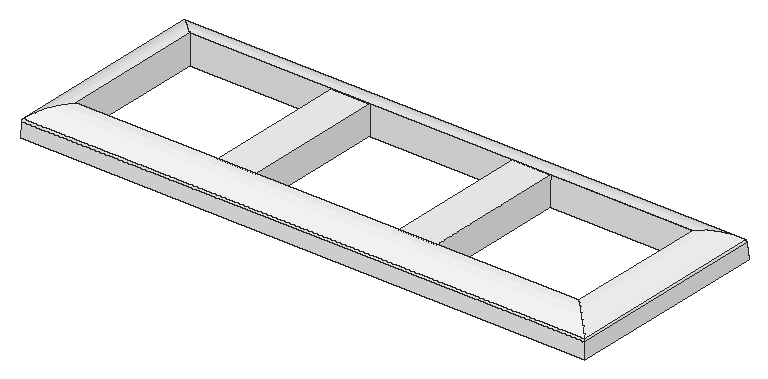
Revit family "Gira_021304", category Electrical Fixtures, host Face, Revit 2017
Family settings
  Host = Face
  Maintain Annotation Orientation = No
  Round Connector Dimension = Use Diameter
  Part Type = Normal
  Cut with Voids When Loaded = No
  Shared = No
  Room Calculation Point = No
Parameters (values of type "Abdeckrahmen 3f Standard 55 Reinweiß m")
  Werkstoffgüte = "Thermoplast"
  Werkstoff = "Kunststoff"
  URL = "http://katalog.gira.de/de_DE/datenblatt.html?artikelnr=021304"
  Transparent = "No"
  Textfeld/Beschriftungsfläche = "No"
  Schutzart (IP) = "IP20"
  Region = "DE"
  RAL-Nummer (ähnlich) = "9010 "
  Oberfläche = "sonstige"
  Name = "Abdeckrahmen 3f Standard 55 Reinweiß m"
  Montagerichtung = "horizontal und vertikal"
  Mit Montagerahmen = "No"
  Mit Klappdeckel = "No"
  Manufacturer URL = "https://www.gira.de/"
  Keynote = "Std55_Rahmen_3fach"
  HeinzeBIM = "https://bimportal.heinze.de/bim/abdeckrahmen-3f-standard-55-reinweiss-m/23e260884fb7a2a76cdef4efeed06eb785d8a395"
  Halogenfrei = "Yes"
  HAN = "021304"
  Geeignet für Unterputz-Installation = "Yes"
  Geeignet für Unterflurkanaldose = "No"
  Geeignet für Geräteeinbaukanal = "No"
  Geeignet für Einbauinstallation = "No"
  GTIN = "4010337213048"
  Farbe = "weiß"
  Default Elevation = 1219.2 mm
  Data sheet (1) = "https://katalog.gira.de/de_DE/download.html?artikelnr=021304"
  Category = "Abdeckrahmen"
  Befestigungsart = "Klemmbefestigung"
  Available = "Yes"
  Ausführung der Oberfläche = "matt"
  Anzahl der Einheiten vertikal = "3 "
  Anzahl der Einheiten horizontal = "3 "
  Anzahl der Einheiten = "3 "
Reference planes
  plane 1 "Center (Front/Back)": y = 0
  plane 2: z = 0
  plane 3 "Center (Left/Right)": x = 0
  plane 4: x = -40.3
  plane 5: x = 40.3
  plane 6: y = -111.5
  plane 7: y = 111.5
  plane 8: y = 35.7
  plane 9: y = -35.7
Forms (mm)
  Sweep 1, solid, material "White", detail levels fine
    path origin (0, 0, 0) x (0, -1, 0) y (1, 0, 0)
      loop
        line (40.3, 111.5) -> (-40.3, 111.5) -> (-40.3, -111.5) -> (40.3, -111.5) -> (40.3, 111.5)
    profile origin (111.5, 0, 0) x (-1, 0, 0) y (0, 0, 1)
      loop
        arc (12.22, 11.373) -> (5.983, 10.294) -> (0.641, 6.901) r 16.145
        arc (0.641, 6.901) -> (0.395, 6.426) -> (0.309, 5.898) r 1.694
        line (0.309, 5.898) -> (0, 0) -> (12.319, 0) -> (12.22, 11.373)
  Extrusion 2, solid, material "White", detail levels fine
    sketch origin (-35.7, 0, 0) x (1, 0, 0) y (0, 0, 1)
      loop
        line (7.4, 0) -> (7.4, 11.373) -> (-7.4, 11.373) -> (-7.4, 0) -> (7.4, 0)
    from -28.08 to 28.08
  Extrusion 3, solid, material "White", detail levels fine
    sketch origin (35.7, 0, 0) x (1, 0, 0) y (0, 0, 1)
      loop
        line (7.4, 0) -> (7.4, 11.373) -> (-7.4, 11.373) -> (-7.4, 0) -> (7.4, 0)
    from -28.08 to 28.08
  Extrusion 4, solid, material "White", detail levels coarse+medium
    sketch origin (0, 0, 0) x (0, -1, 0) y (1, 0, 0)
      loop
        line (40.3, 111.5) -> (-40.3, 111.5) -> (-40.3, -111.5) -> (40.3, -111.5) -> (40.3, 111.5)
    from 0 to 11.373
Dimensions and locks
  aligned and locked: plane 2 to host face
  aligned and locked: level to host face
